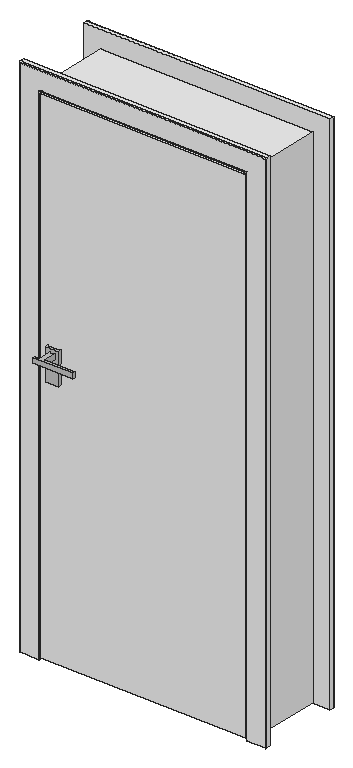
Revit family "cpl_1.1_osc_PSE_pn_bp", category Drzwi, Revit 2014
Parameters (values of type "pn 80")
  wysokość = 2016 mm
  szerokość = 800 mm
  Zakres szerokości muru [instance] = if(and(Grubość ściany > 94 mm, Grubość ściany < 120 mm), "B", (if(and(Grubość ściany > 119 mm, Grubość ściany < 140 mm), "C", (if(and(Grubość ściany > 139 mm, Grubość ściany < 160 mm), "D", (if(and(Grubość ściany > 159 mm, Grubość ściany < 180 mm), "E", (if(and(Grubość ściany > 179 mm, Grubość ściany < 200 mm), "F", (if(and(Grubość ściany > 199 mm, Grubość ściany < 220 mm), "G", (if(and(Grubość ściany > 219 mm, Grubość ściany < 240 mm), "H", (if(and(Grubość ściany > 239 mm, Grubość ściany < 260 mm), "I", (if(and(Grubość ściany > 259 mm, Grubość ściany < 280 mm), "J", (if(and(Grubość ściany > 279 mm, Grubość ściany < 301 mm), "K", "BRAK")))))))))))))))))))  # "K"
  Wysokość brutto = 2060 mm
  Szerokość brutto = szerokość + 80 mm  # 880 mm
  Model = "CPL 1.1"  # constant formula
  Klamka [instance] = yes
  Grubość ściany [instance] = 300 mm
  Funkcja = Wewnętrzna
  URL = "www.porta.com.pl"
  Ss = 818 mm
  Sb = szerokość + 46 mm  # 846 mm
  Producent = "PORTA KMI POLAND"  # constant formula
  Keynote = ""
  Opis = "Ościeżnica Porta System Elegance"
  Height = 0 mm
  Zakończenie ściany = Wg obiektu nadrzędnego
  Width = 0 mm
  Materiał skrzydło [instance] = Porta - biały
  Materiał ościeżnica [instance] = Porta - biały
  Materiał klamka [instance] = Porta - chrom
  Hs = 2017 mm
Types (6, lengths in mm): name | szerokość | Szerokość brutto | Ss | Sb
  (no name) | 800 | 880 | 818 | 846
  pn 80 | 800 | 880 | 818 | 846
  pn 90 | 900 | 980 | 918 | 946
  pn 100 | 1000 | 1080 | 1018 | 1046
  pn 70 | 700 | 780 | 718 | 746
  pn 60 | 600 | 680 | 618 | 646
Reference planes
  plane 1: y = 0
  plane 2 "Środek (Lewa/Prawa)": x = 0
  plane 3 "Lewy": x = -440
  plane 4 "Prawy": x = 440
  plane 5: z = 2060
  plane 6 "Zewnętrzna": y = 150
  plane 7 "Wewnętrzna": y = -150
  plane 8 "skrzydło": y = -129
  plane 9: y = -169
  plane 10: x = -354
Forms (mm)
  Sweep 1, solid, material "Porta - biały" <- "Materiał ościeżnica"
    path in 3D
      loop
        line (-440, -150, 0) -> (-440, -150, 2060) -> (440, -150, 2060) -> (440, -150, 0)
    profile origin (-440, -150, 1030) x (0, -1, 0) y (1, 0, 0)
      loop
        line (-24, 39) -> (-72, 39) -> (-72, 17) -> (0, 17) -> (0, -53) -> (16, -53)
        arc (16, -53) -> (18.121, -52.121) -> (19, -50) r 3
        line (19, -50) -> (19, 24)
        arc (19, 24) -> (18.121, 26.121) -> (16, 27) r 3
        line (16, 27) -> (-24, 27) -> (-24, 39)
  Sweep 2, solid, material "Porta - biały" <- "Materiał ościeżnica"
    path in 3D
      loop
        line (440, 150, 0) -> (440, 150, 2060) -> (-440, 150, 2060) -> (-440, 150, 0)
    profile origin (-440, 150, 1030) x (1, 0, 0) y (0, 1, 0)
      loop
        line (-53, 0) -> (17, 0) -> (17, -228) -> (39, -228) -> (39, -1)
        arc (39, -1) -> (37.536, 2.536) -> (34, 4) r 5
        line (34, 4) -> (25, 4) -> (25, 16)
        arc (25, 16) -> (24.121, 18.121) -> (22, 19) r 3
        line (22, 19) -> (-50, 19)
        arc (-50, 19) -> (-52.121, 18.121) -> (-53, 16) r 3
        line (-53, 16) -> (-53, 0)
Cuts and joins
  joined: Sweep 1, Sweep 2
Lines and regions (mm)
  Opening 1
    outline origin (-3050, -150, 0) x (1, 0, 0) y (0, 0, 1)
      loop
        line (2610, 0) -> (3490, 0) -> (3490, 2060) -> (2610, 2060) -> (2610, 0)
  sketch lines
    curve 1: line (-440, -150, 0) -> (-440, -150, 2060)
    curve 2: line (-440, -150, 2060) -> (440, -150, 2060)
    curve 3: line (440, -150, 2060) -> (440, -150, 0)
    curve 4: line (-440, 150, 2060) -> (-440, 150, 0)
    curve 5: line (440, 150, 2060) -> (-440, 150, 2060)
    curve 6: line (440, 150, 0) -> (440, 150, 2060)
  symbolic lines, style "Doors"
    curve 7: line (440, -169, 0) -> (440, -987, 0)
    curve 8: line (440, -987, 0) -> (400, -987, 0)
    curve 9: line (400, -987, 0) -> (400, -169, 0)
    curve 10: line (400, -169, 0) -> (440, -169, 0)
  symbolic lines
    curve 11: arc (-409, -169, 0) -> (-169.413, -747.413, 0) -> (409, -987, 0) r 818
Text (mm)
  text "Zewnętrzna" at (-2295.016, 1099.543, 0), in view "Poziom odniesienia"
  text "Zewnętrzna" at (0, 1615.38, 3698.081), in view "Lewy"
  text "Zewnętrzna" at (0, 1036.032, 3874.932), in view "Prawy"
Dimensions and locks
  equal spacing: plane 3 "Lewy", plane 2 "Środek (Lewa/Prawa)", plane 4 "Prawy"
  "Szerokość brutto": plane 3 "Lewy" to plane 4 "Prawy"
  "Wysokość brutto": plane 5 to host wall
  host wall to plane 5 = 2060 mm  (x2)
  locked: plane 6 "Zewnętrzna" to host wall at 0
  locked: plane 7 "Wewnętrzna" to host wall
  "Sb": Sweep 1 to Sweep 1
  locked: Sweep 1 sketch curve to Sweep 1 sketch curve at 22
  locked: Sweep 1 sketch curve to Sweep 1 sketch curve at 70
  locked: Sweep 1 sketch curve to profile plane at 72
  locked: Sweep 2 sketch curve to Sweep 2 sketch curve at 70
  locked: Sweep 2 sketch curve to Sweep 2 sketch curve at 22
  locked: Sweep 2 sketch curve to plane 6 "Zewnętrzna" at 1
  locked: curve 9 to curve 7 at 40
  "Ss": curve 8 to curve 10
  plane 2 "Środek (Lewa/Prawa)" to curve 7 = 440 mm
  locked: plane 7 "Wewnętrzna" to plane 8 "skrzydło" at 21
  equal spacing: nested 1, plane 2 "Środek (Lewa/Prawa)", nested 1
  locked: nested 1 to level at 8
  "Grubość ściany": host wall to host wall
  locked: plane 8 "skrzydło" to plane 9 at 40
  locked: plane 3 "Lewy" to plane 10 at 86
  aligned and locked: plane 3 "Lewy" to Opening 1 sketch curve
  aligned and locked: plane 5 to Opening 1 sketch curve  (x2)
  aligned and locked: Opening 1 sketch curve to plane 4 "Prawy"
  aligned and locked: Opening 1 sketch curve to level
  aligned and locked: plane 1 to host wall
  aligned and locked: Sweep 1 to Sweep 2 sketch curve
  aligned and locked: Sweep 2 sketch curve to cut or joined group of Sweep 1, Sweep 2
  aligned and locked: nested 1 to plane 8 "skrzydło"
  aligned and locked: plane 4 "Prawy" to curve 7
  aligned and locked: plane 9 to curve 10
  aligned and locked: nested 3 to plane 8 "skrzydło"
  aligned and locked: plane 9 to nested 2
  aligned and locked: plane 10 to nested 2
  aligned and locked: nested 3 to plane 10
Automatic sketch dimensions
  Sweep 2 sketch curve to profile plane = 0 mm
  Sweep 2 sketch curve to profile plane = 16 mm
  Sweep 2 sketch curve to Sweep 2 sketch curve = 3 mm
  Sweep 2 sketch curve to Sweep 2 sketch curve = 5 mm
  Sweep 2 sketch curve to profile plane = 4 mm
  Sweep 2 sketch curve to Sweep 2 sketch curve = 8 mm
  Sweep 1 sketch curve to profile plane = 0 mm
  profile plane to Sweep 1 sketch curve = 24 mm
  Sweep 1 sketch curve to profile plane = 16 mm  (x2)
  Sweep 1 sketch curve to Sweep 1 sketch curve = 3 mm
  Sweep 1 sketch curve to profile plane = 53 mm
  Sweep 1 sketch curve to Sweep 1 sketch curve = 7 mm
  plane 9 to curve 11 = 0 mm
  curve 9 to curve 11 = 9 mm
Nested families
  nested 1: "skrzydło" at (0, -135.5, 0), type "skrzydło"
    with Ss 818 mm, Hs 2017 mm
  nested 2: "KLAMKA" at (-344, -169, 1112), Materiał klamki <- "Materiał klamka", visible <- "Klamka", type "KLAMKA"
    with Materiał klamki Porta - chrom
  nested 3: "KLAMKA" at (-344, -129, 1112), Materiał klamki <- "Materiał klamka", visible <- "Klamka", type "KLAMKA"
    with Materiał klamki Porta - chrom
Definition of nested family "skrzydło"
  Parameters (values of type "skrzydło")
    Ss = 844 mm
    Materiał szklenie = Szkło
    Materiał skrzydło = Porta - biały
    Assembly Code = ""
    Hs = 2030 mm
  Reference planes
    plane 1 "Tył": y = 6.5
    plane 2: z = 0
    plane 3 "Środek (Lewa/Prawa)": x = 0
    plane 4 "Lewa": x = -435
    plane 5 "Prawa": x = 435
    plane 6 "Przód": y = -33.5
    plane 7: z = 2051
    plane 8 "Centrum": y = -13.5
    plane 9: z = 8
    plane 10: x = -422
    plane 11: x = 422
    plane 12: z = 2038
  Forms (mm)
    Extrusion 1, solid, material "Porta - biały" <- "Materiał skrzydło"
      sketch origin (0, -33.5, 0) x (-1, 0, 0) y (0, 0, 1)
        loop
          line (435, 2051) -> (-435, 2051) -> (-435, 8) -> (435, 8) -> (435, 2051)
      from 0 to 40
    Sweep 2, void
      path origin (0, 6.5, 0) x (1, 0, 0) y (0, 0, 1)
        loop
          line (435, 0) -> (435, 2051) -> (-435, 2051) -> (-435, 0)
      profile origin (-435, 6.5, 1025.5) x (0, -1, 0) y (1, 0, 0)
        loop
          line (0, 0) -> (40, 0) -> (40, 13) -> (0, 13) -> (0, 0)
  Cuts and joins
    Sweep 2 cuts Extrusion 1
  Dimensions and locks
    equal spacing: plane 4 "Lewa", plane 3 "Środek (Lewa/Prawa)", plane 5 "Prawa"
    locked: plane 9 to level at 8
    equal spacing: plane 6 "Przód", plane 8 "Centrum", plane 1 "Tył"
    locked: plane 4 "Lewa" to plane 10 at 13
    locked: plane 11 to plane 5 "Prawa" at 13
    "Ss": plane 10 to plane 11
    locked: plane 7 to plane 12 at 13
    "Hs": plane 12 to plane 9
    aligned and locked: Extrusion 1 sketch curve to plane 9
    aligned and locked: Extrusion 1 sketch curve to plane 5 "Prawa"
    aligned and locked: Extrusion 1 sketch curve to plane 4 "Lewa"
    aligned and locked: Sweep 2 sketch curve to plane 4 "Lewa"
    aligned and locked: Sweep 2 sketch curve to plane 7
    aligned and locked: Sweep 2 sketch curve to plane 5 "Prawa"
    aligned and locked: level to Sweep 2 sketch curve  (x2)
    aligned and locked: plane 7 to Extrusion 1 sketch curve
  Automatic sketch dimensions
    plane 1 "Tył" to Sweep 2 sketch curve = 0 mm
    Sweep 2 sketch curve to profile plane = 0 mm
    Sweep 2 sketch curve to Sweep 2 sketch curve = 40 mm
    Sweep 2 sketch curve to Sweep 2 sketch curve = 13 mm
Definition of nested family "KLAMKA"
  Parameters (values of type "KLAMKA")
    Materiał klamki [instance] = none
    Assembly Code = ""
    Default Elevation = 1219.2 mm
  Reference planes
    plane 1 "Center (Front/Back)": y = 0
    plane 2: z = 0
    plane 3 "Center (Left/Right)": x = -10
  Forms (mm)
    Extrusion 1, solid, material <- "Materiał klamki"
      sketch origin (0, 0, 0) x (1, 0, 0) y (0, 0, 1)
        loop
          line (-35, -25) -> (15, -25) -> (15, 25) -> (-35, 25) -> (-35, -25)
      from 0 to 10
    Extrusion 2, solid, material <- "Materiał klamki"
      sketch origin (0, 0, 0) x (1, 0, 0) y (0, 1, 0)
        loop
          line (-20, -10) -> (-20, -60) -> (-40, -60) -> (-40, -70) -> (120, -70) -> (120, -60) -> (0, -60) -> (0, -10) -> (-20, -10)
      from -10 to 10
    Extrusion 3, solid, material <- "Materiał klamki"
      sketch origin (0, 0, -8) x (1, 0, 0) y (0, 0, 1)
        loop
          line (-35, -92) -> (15, -92) -> (15, -42) -> (-35, -42) -> (-35, -92)
      from 0 to 10
  Dimensions and locks
    aligned and locked: Extrusion 1 to plane 1 "Center (Front/Back)"
